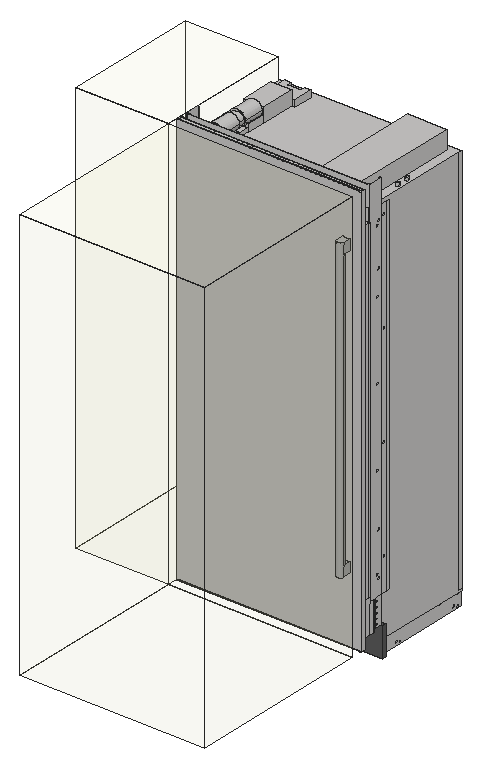
Revit family "P190780JX-225c_JKCPL361GL_StainlessSteel_JA_Refrigeration_Columns", category Specialty Equipment, Revit 2026 (continued)
Automatic sketch dimensions
  Extrusion 81 sketch curve to Extrusion 81 sketch curve = 1.43756"
  Extrusion 81 sketch curve to Extrusion 81 sketch curve = 0"
  plane 5 to Extrusion 82 sketch curve = 0"
  Extrusion 82 sketch curve to plane 6 = 0"
  plane 1 "Center (Front/Back)" to Extrusion 82 sketch curve = 0"
  Extrusion 82 sketch curve to Extrusion 82 sketch curve = 18"
  radius of Extrusion 4 sketch curve = 1/4"
  radius of Extrusion 15 sketch curve = 29/256"  (x6)
  radius of Extrusion 16 sketch curve = 0.11344"
  radius of Extrusion 16 sketch curve = 29/256"
  radius of Extrusion 18 sketch curve = 29/256"  (x2)
  radius of Extrusion 19 sketch curve = 0.16524"
  radius of Extrusion 20 sketch curve = 0.16524"
  radius of Extrusion 21 sketch curve = 0.16524"
  radius of Extrusion 22 sketch curve = 0.16524"
  radius of Extrusion 30 sketch curve = 0.08852"
  radius of Extrusion 31 sketch curve = 0.08852"
  radius of Extrusion 34 sketch curve = 0.18626"  (x9)
  radius of Extrusion 34 sketch curve = 0.05584"  (x10)
  radius of Extrusion 35 sketch curve = 0.11458"
  radius of Extrusion 35 sketch curve = 29/256"  (x4)
  radius of Extrusion 36 sketch curve = 0.04308"  (x7)
  radius of Extrusion 37 sketch curve = 0.45676"
  radius of Extrusion 41 sketch curve = 0.18645"  (x4)
  radius of Extrusion 43 sketch curve = 0.18626"  (x9)
  radius of Extrusion 43 sketch curve = 0.05584"  (x10)
  radius of Extrusion 44 sketch curve = 0.11458"
  radius of Extrusion 44 sketch curve = 29/256"  (x4)
  radius of Extrusion 45 sketch curve = 0.04308"  (x7)
  radius of Extrusion 46 sketch curve = 0.18645"  (x4)
  radius of Extrusion 52 sketch curve = 0.08852"
  radius of Extrusion 53 sketch curve = 0.08852"
  radius of Extrusion 54 sketch curve = 0.16524"
  radius of Extrusion 55 sketch curve = 0.16524"
  radius of Extrusion 56 sketch curve = 0.16524"
  radius of Extrusion 57 sketch curve = 0.16524"
  radius of Extrusion 61 sketch curve = 19/64"
  radius of Extrusion 62 sketch curve = 19/64"
  radius of Extrusion 64 sketch curve = 19/64"
  radius of Extrusion 65 sketch curve = 19/64"
  radius of Extrusion 74 sketch curve = 0.45676"
  radius of Extrusion 79 sketch curve = 0.68744"
Connectors (in)
  electrical at (0, -0.25, 1.75), driven by "Voltage"
    settings: on Extrusion 4, index 1, voltage 0 V, apparent load 0 VA, apparent load phase1 0 VA, apparent load phase2 0 VA, apparent load phase3 0 VA, power factor 1, load classification "Other", number of poles 1, system type 30, power factor state 1, is connector primary yes, connector utility no, sub classification motor no, connector description "Electrical Connection"
